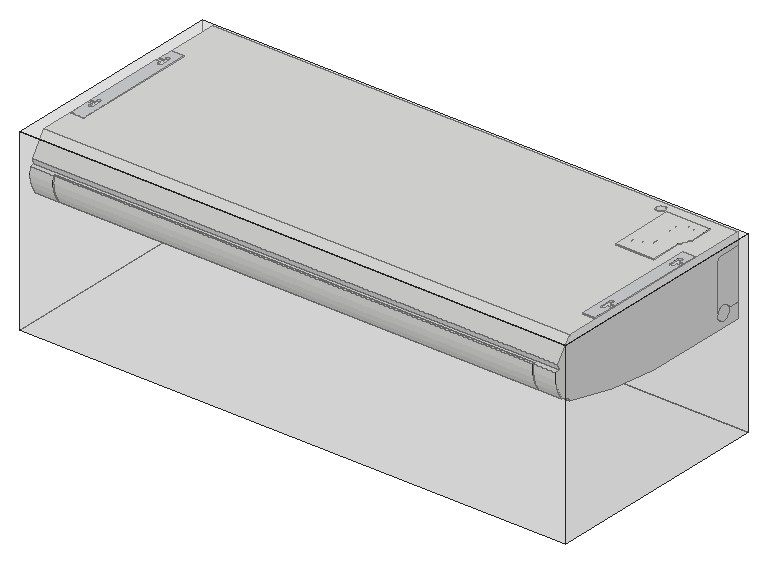
Revit family "outputfile", category 機械設備, Revit 2024
Family settings
  丸型コネクタ寸法 = 半径を使用
  パーツ タイプ = 標準
  OmniClass 番号 = 23.75.10.24.21.27.27
  OmniClass タイトル = Split System Air Conditioning Units
  作業面ベース = いいえ
  常に垂直 = はい
  ロード時にボイドで切り取り = いいえ
  注釈の向きを維持 = いいえ
  共有 = いいえ
  部屋計算ポイント = はい
Parameters (values of type "FHA100DVMG")
  製造元 = "Daikin"
  書き出し IFC クラス(タイプ) = "IfcUnitaryEquipmentType"
  定義済み IFC タイプ(タイプ) = "AIRCONDITIONINGUNIT"
  モデル = "FHA100DVMG"
  switch_frequency = yes
  r_Liquid Pipe Size = Liquid Pipe Size / 2  # 4.75 mm
  r_Gas Pipe Size = Gas Pipe Size / 2  # 7.95 mm
  r_Drain Pipe Size = Drain Pipe Size / 2  # 10.0 mm
  l_powersupply [instance] = if(Rear Right Connection_powersupply, 29.0 mm, 175.0 mm)  # 29.0 mm
  h_mountinghole = 2.0 mm
  connector_voltage = Voltage_50Hz  # 230 V
  connector_powerinput = [Power Input (Cooling)]  # 2.270 kW
  connector_phase = Phase_50Hz  # 1
  angle_vertical_powersupply [instance] = if(Rear Right Connection_powersupply, 90.00°, 180.00°)  # 90.00°
  angle_vertical_drainpipe [instance] = if(or(Left Connection_drainpipe, Right Connection_drainpipe), 90.00°, if(Top Connection_drainpipe, 180.00°, -90.00°))  # -90.00°
  angle_horizontal_powersupply [instance] = if(Rear Right Connection_powersupply, 180.00°, 0.00°)  # 180.00°
  angle_horizontal_drainpipe [instance] = if(Right Connection_drainpipe, 90.00°, if(Left Connection_drainpipe, -90.00°, 0.00°))  # 0.00°
  Voltage_comment_60Hz = "220-230"
  Voltage_comment_50Hz = "220-240"
  Voltage_60Hz = 220 V
  Voltage_50Hz = 230 V
  Top Connection_refrigerant [instance] = no
  Top Connection_powersupply [instance] = not(Rear Right Connection_powersupply)  # no
  Right Connection_refrigerant [instance] = no
  Rear Right Connection_refrigerant [instance] = yes
  Phase_60Hz = 1
  Phase_50Hz = 1
  Material_Casing = DAIKIN_White_Casing_indoorunit
  lw_powersupply [instance] = if(Rear Right Connection_powersupply, 220.0 mm, 210.0 mm)  # 220.0 mm
  lw_mountinghole_pitch = Width - 40.0 mm  # 1550.0 mm
  lw_mountinghole = 20.0 mm
  lw_liquidpipe [instance] = if(Right Connection_refrigerant, 156.0 mm, if(Top Connection_refrigerant, 156.0 mm, 136.0 mm))  # 136.0 mm
  lw_gaspipe = 105.0 mm
  lw_drainpipe [instance] = if(Top Connection_drainpipe, 102.0 mm, if(Width = 960.0 mm, if(or(Left Connection_drainpipe, Rear Left Connection_drainpipe), 884.0 mm, 83.0 mm), if(Width = 1270.0 mm, if(or(Left Connection_drainpipe, Rear Left Connection_drainpipe), 1194.0 mm, 83.0 mm), if(Width = 1590.0 mm, if(or(Left Connection_drainpipe, Rear Left Connection_drainpipe), 1514.0 mm, 83.0 mm), 83.0 mm))))  # 83.0 mm
  lh_powersupply = 175.0 mm
  lh_liquidpipe [instance] = if(Rear Right Connection_refrigerant, 160.0 mm, 131.0 mm)  # 160.0 mm
  lh_gaspipe [instance] = if(Rear Right Connection_refrigerant, 150.0 mm, 91.0 mm)  # 150.0 mm
  lh_drainpipe = 197.0 mm
  l_antena = 1.0 mm
  ld_powersupply = 30.0 mm
  ld_mountinghole_pitch = 260.0 mm
  ld_mountinghole = 210.0 mm
  ld_liquidpipe [instance] = if(Right Connection_refrigerant, 57.0 mm, if(Top Connection_refrigerant, 189.0 mm, 221.0 mm))  # 221.0 mm
  ld_gaspipe [instance] = if(Right Connection_refrigerant, 57.0 mm, if(Top Connection_refrigerant, 163.0 mm, 214.0 mm))  # 214.0 mm
  ld_drainpipe [instance] = if(or(Left Connection_drainpipe, Right Connection_drainpipe), 57.0 mm, if(Top Connection_drainpipe, 87.0 mm, 268.0 mm))  # 268.0 mm
  l_liquidpipe_length [instance] = if(Right Connection_refrigerant, 156.0 mm, if(Top Connection_refrigerant, 131.0 mm, 220.0 mm))  # 220.0 mm
  l_gaspipe_length [instance] = if(Right Connection_refrigerant, 105.0 mm, if(Top Connection_refrigerant, 91.0 mm, 213.0 mm))  # 213.0 mm
  l_drainpipe_length [instance] = if(Right Connection_drainpipe, 83.0 mm, if(Top Connection_drainpipe, 197.0 mm, if(Left Connection_drainpipe, 76.0 mm, 267.0 mm)))  # 267.0 mm
  h*** = 0.0 mm
  angle_vertical [instance] = if(Right Connection_refrigerant, 90.00°, if(Top Connection_refrigerant, 180.00°, -90.00°))  # -90.00°
  angle_horizontal [instance] = if(Right Connection_refrigerant, 90.00°, 0.00°)  # 0.00°
  Width = 1590.0 mm
  Version = "ver.1.0"
  Unit Type = "Ceiling"
  Unit Mass Weight = 38.00 kg
  Unit Designation [instance] = ""
  Uniclass2015Version = "Products v1.30"
  Uniclass2015Title = "Split coil room air conditioning units"
  Uniclass2015Code = "Pr_70_65_03_86"
  Total Cooling Capacity [instance] = 0.000 kW
  Top Connection_drainpipe [instance] = no
  Sound Pressure Level_M speed (dBA) = 38
  Sound Pressure Level_L speed (dBA) = 34
  Sound Pressure Level_H speed (dBA) = 42
  Series = "SkyAir_Fan Coil Unit"
  Sensible Cooling Capacity [instance] = 0.000 kW
  Rear Right Connection_drainpipe [instance] = yes
  Rear Right Connection_powersupply [instance] = yes
  Right Connection_drainpipe [instance] = no
  Refrigerant Type = "R32"
  Power Input (Cooling) = 2.270 kW
  Option Accessory 3 [instance] = ""
  Option Accessory 2 [instance] = ""
  Option Accessory 1 [instance] = ""
  Nominal Cooling Capacity = 8.800 kW
  Minimum Airflow = 1200.00 m³/h
  Median Airflow = 1440.00 m³/h
  Maximum Airflow = 1680.00 m³/h
  Load Classification = HVAC
  Liquid Pipe Size = 9.5 mm
  Link_Nested Family [instance] = ""
  Rear Left Connection_drainpipe [instance] = no
  Left Connection_drainpipe [instance] = no
  IfcVersion = ""
  IfcExportType = "AIRCONDITIONINGUNIT"
  IfcExportAs = "IfcUnitaryEquipmentType"
  Height = 235.0 mm
  Heat Exchanger Type = "Cross Fin Coil"
  Gas Pipe Size = 15.9 mm
  Frequency_60Hz = 60 Hz
  Frequency_50Hz = 50 Hz
  Fan Type = "Sirocco Fan"
  Fan Drive = "Direct Drive"
  FCU Tag No. [instance] = ""
  Drain Pipe Size = 20.0 mm
  Design Supply Airflow [instance] = 0.00 m³/h
  Design Outdoor Airflow [instance] = 0.00 m³/h
  Depth = 690.0 mm
  既定の高さ = 0.0 mm
  Cooling Entering Wet Bulb Temperature [instance] = 0.00 °C
  Cooling Entering Dry Bulb Temperature [instance] = 0.00 °C
  Cooling Ambient Wet Bulb Temperature [instance] = 0.00 °C
  Cooling Ambient Dry Bulb Temperature [instance] = 0.00 °C
  Clearance visibility [instance] = yes
  Clearance Top = 5.0 mm
  Clearance Right = 30.0 mm
  Clearance Rear = 0.0 mm
  Clearance Left = 30.0 mm
  Clearance Front = 0.0 mm
  Clearance Bottom = 300.0 mm
Reference planes
  plane 1 "Back": y = 0
  plane 2: z = 0
  plane 3 "Center (Left/Right)": x = 0
  plane 4 "Center (Front/Back)": y = -1
  plane 5 "Front": y = -690
  plane 6 "Left": x = -795
  plane 7 "Right": x = 795
  plane 8 "Top": z = 0
  plane 9 "Bottom": z = -235
  plane 10: y = -690
  plane 11: x = -825
  plane 12: x = 825
  plane 13: z = 5
  plane 14: z = -535
  plane 15: y = 0
  plane 16 "lw_mountinghole": x = -775
  plane 17 "lw_mountinghole2": x = 775
  plane 18 "ld_mountinghole": y = -210
  plane 19 "ld_mountinghole2": y = -470
  plane 20 "lw_gaspipe": x = 690
  plane 21 "ld_gaspipe": y = -214
  plane 22 "lh_gaspipe": z = -150
  plane 23 "lw_liquidpipe": x = 659
  plane 24 "ld_liquidpipe": y = -221
  plane 25 "lh_liquidpipe": z = -160
  plane 26 "ld_drainpipe": y = -268
  plane 27 "lw_drainpipe": x = 712
  plane 28 "lh_drainpipe": z = -197
  plane 29 "lw_powersupply": x = 575
  plane 30 "lh_powersupply": z = -175
  plane 31 "ld_powersupply": y = -30
  plane 32: x = -725.5
  plane 33: x = 725.5
  plane 34: x = -750
  plane 35: x = 750
  plane 36: x = -2
  plane 37: x = 2
Forms (mm)
  Extrusion 1, solid, material "DAIKIN_White_Casing_indoorunit" <- "Material_Casing"
    sketch origin (0, 0, 0) x (0, 1, 0) y (0, 0, 1)
      loop
        line (-639.277, 0) -> (-680.876, -61.699) -> (-675.026, -77.772)
        arc (-675.026, -77.772) -> (-681.815, -78.743) -> (-688.601, -79.732) r 2634.132
        arc (-688.601, -79.732) -> (-687.018, -121.096) -> (-669.159, -158.439) r 102.2
        line (-669.159, -158.439) -> (-639.858, -169.325) -> (-635.895, -178.261)
        arc (-635.895, -178.261) -> (-479.121, -215.759) -> (-319.077, -235) r 1400.997
        line (-319.077, -235) -> (-1, -235) -> (-1, 0) -> (-639.277, 0)
    from -795 to 795
  Extrusion 2, solid, material "DAIKIN_White_Casing_indoorunit" <- "Material_Casing"
    sketch origin (0, 0, 0) x (0, 1, 0) y (0, 0, 1)
      loop
        arc (-688.601, -79.732) -> (-687.018, -121.096) -> (-669.159, -158.439) r 102.2
        line (-669.159, -158.439) -> (-665.589, -154.869)
        arc (-665.589, -154.869) -> (-682.432, -118.783) -> (-683.39, -78.971) r 97.2
        arc (-683.39, -78.971) -> (-685.996, -79.351) -> (-688.601, -79.732) r 2634.132
    from -725.5 to 725.5
  Extrusion 3, void
    sketch origin (0, 0, 0) x (0, 1, 0) y (0, 0, 1)
      loop
        line (-301.098, -235) -> (-21.098, -235) -> (-21.098, -230) -> (-301.098, -230) -> (-301.098, -235)
    from -750 to 750
  Extrusion 4, solid, material "DAIKIN_White_Grille_indoorunit"
    sketch origin (0, 0, 0) x (0, 1, 0) y (0, 0, 1)
      loop
        line (-20.098, -230) -> (-301.098, -230) -> (-301.098, -235) -> (-20.098, -235) -> (-20.098, -230)
    from -750 to -2
  Extrusion 5, solid, material "DAIKIN_White_Casing_indoorunit" <- "Material_Casing"
    sketch origin (0, 0, 0) x (1, 0, 0) y (0, 0, 1)
      loop
        line (602, -63) -> (602, -178) -> (673, -220) -> (736, -220) -> (736, -63) -> (602, -63)
    from 0 to 1
  Extrusion 6, solid, material "DAIKIN_White_Casing_indoorunit" <- "Material_Casing"
    sketch origin (0, 0, 0) x (-1, 0, 0) y (0, -1, 0)
      loop
        line (-607, 35) -> (-607, 230) -> (-723, 230) -> (-723, 135) -> (-738, 105) -> (-738, 35) -> (-607, 35)
    from 0 to 1.9
  Extrusion 7, void
    sketch origin (795, 0, 0) x (0, 1, 0) y (0, 0, 1)
      loop
        arc (-79.5, -195) -> (-55.446, -217.446) -> (-34.715, -191.9) r 22.5
        line (-34.715, -191.9) -> (-1, -191.9) -> (-1, -190.1) -> (-35.04, -190.1)
        arc (-35.04, -190.1) -> (-54.942, -172.594) -> (-77.7, -186.182) r 22.5
        line (-77.7, -186.182) -> (-77.7, -43)
        arc (-77.7, -43) -> (-76.528, -40.172) -> (-73.7, -39) r 4
        line (-73.7, -39) -> (-1, -39) -> (-1, -37.2) -> (-73.7, -37.2)
        arc (-73.7, -37.2) -> (-77.801, -38.899) -> (-79.5, -43) r 5.8
        line (-79.5, -43) -> (-79.5, -195)
      loop
        circle (-57, -195) r 20.7
    from 0 to -10
  Extrusion 8, void
    sketch origin (-1444.026, -1, 1200) x (1, 0, 0) y (0, 0, 1)
      loop
        arc (715.026, -1375) -> (704.42, -1379.393) -> (700.026, -1390) r 15
        line (700.026, -1390) -> (700.026, -1400)
        arc (700.026, -1400) -> (704.42, -1410.607) -> (715.026, -1415) r 15
        line (715.026, -1415) -> (745.026, -1415)
        arc (745.026, -1415) -> (755.633, -1410.607) -> (760.026, -1400) r 15
        line (760.026, -1400) -> (760.026, -1390)
        arc (760.026, -1390) -> (755.633, -1379.393) -> (745.026, -1375) r 15
        line (745.026, -1375) -> (715.026, -1375)
    from 0 to 10
  Extrusion 9, void
    sketch origin (-795, 0, 0) x (0, 1, 0) y (0, 0, 1)
      loop
        circle (-57, -197) r 22.5
    from 0 to 10
  Extrusion 10, void
    sketch origin (-1444.026, -1, 1200) x (1, 0, 0) y (0, 0, 1)
      loop
        circle (2136.026, -1375) r 44
    from 0 to 10
  Extrusion 11, void
    sketch origin (0, 0, 0) x (-1, 0, 0) y (0, -1, 0)
      loop
        circle (-693, 87) r 30
    from 0 to -10
  Extrusion 12, void
    sketch origin (0, 0, 0) x (-1, 0, 0) y (0, -1, 0)
      loop
        circle (-690, 163) r 18
    from 0 to -10
  Extrusion 13, void
    sketch origin (0, 0, 0) x (-1, 0, 0) y (0, -1, 0)
      loop
        circle (-639, 189) r 13
    from 0 to -10
  Extrusion 14, void
    sketch origin (-1444.026, -1, 1200) x (1, 0, 0) y (0, 0, 1)
      loop
        circle (2019.026, -1375) r 14.5
    from 0 to 10
  Extrusion 15, void
    sketch origin (0, 0, 0) x (-1, 0, 0) y (0, -1, 0)
      loop
        circle (-585, 30) r 14.5
    from 0 to -10
  Extrusion 16, void
    sketch origin (795, 0, 0) x (0, 1, 0) y (0, 0, 1)
      loop
        arc (-665.589, -154.869) -> (-682.432, -118.783) -> (-683.39, -78.971) r 97.2
        arc (-683.39, -78.971) -> (-685.996, -79.351) -> (-688.601, -79.732) r 2634.132
        arc (-688.601, -79.732) -> (-687.018, -121.096) -> (-669.159, -158.439) r 102.2
        line (-669.159, -158.439) -> (-665.589, -154.869)
    from -69.5 to -1520.5
  Extrusion 17, solid, material "DAIKIN_White_Casing_indoorunit" <- "Material_Casing"
    sketch origin (-795, 0, 0) x (0, 1, 0) y (0, 0, 1)
      loop
        circle (-57, -197) r 22.5
    from 0 to 10
  Extrusion 18, solid, material "DAIKIN_White_Grille_indoorunit"
    sketch origin (780, 0, 0) x (0, 1, 0) y (0, 0, 1)
      loop
        line (-20.098, -230) -> (-301.098, -230) -> (-301.098, -235) -> (-20.098, -235) -> (-20.098, -230)
    from -782 to -778
  Extrusion 19, solid, material "DAIKIN_White_Grille_indoorunit"
    sketch origin (0, 0, 0) x (0, 1, 0) y (0, 0, -1)
      loop
        line (-20.098, 230) -> (-20.098, 235) -> (-301.098, 235) -> (-301.098, 230) -> (-20.098, 230)
    from -750 to -2
Cuts and joins
  Extrusion 3, Extrusion 7, Extrusion 8, Extrusion 9, Extrusion 10, Extrusion 11, Extrusion 12, Extrusion 13, Extrusion 14, Extrusion 15, Extrusion 16 cuts Extrusion 1
Lines and regions (mm)
  reference lines
    curve 1: line (795, -580.282, -192.75) -> (795, -551.225, -200.21)
Dimensions and locks
  equal spacing: plane 6 "Left", plane 3 "Center (Left/Right)", plane 7 "Right"
  "Width": plane 6 "Left" to plane 7 "Right"
  "Depth": plane 5 "Front" to plane 1 "Back"
  "Height": plane 8 "Top" to plane 9 "Bottom"
  "Clearance Front": plane 10 to plane 5 "Front"
  "Clearance Left": plane 11 to plane 6 "Left"
  "Clearance Right": plane 7 "Right" to plane 12
  "Clearance Top": plane 13 to plane 8 "Top"
  "Clearance Bottom": plane 9 "Bottom" to plane 14
  "Clearance Rear": plane 1 "Back" to plane 15
  locked: plane 4 "Center (Front/Back)" to plane 1 "Back" at 1
  locked: Extrusion 1 sketch curve to Extrusion 1 sketch curve at 235
  locked: Extrusion 1 sketch curve to Extrusion 1 sketch curve at 318.077
  locked: Extrusion 1 sketch curve to Extrusion 1 sketch curve at 1163.297
  locked: Extrusion 1 sketch curve to Extrusion 1 sketch curve at 231.144
  Extrusion 3 sketch curve to Extrusion 3 sketch curve to plane 1 "Back" = 280.0 mm locked, 21.098 mm locked
  "ld_mountinghole": plane 18 "ld_mountinghole" to plane 1 "Back"
  "ld_mountinghole_pitch": plane 18 "ld_mountinghole" to plane 19 "ld_mountinghole2"
  "lw_mountinghole_pitch": plane 16 "lw_mountinghole" to plane 17 "lw_mountinghole2"
  "lw_mountinghole": plane 6 "Left" to plane 16 "lw_mountinghole"
  "lw_gaspipe": plane 20 "lw_gaspipe" to plane 7 "Right"
  "ld_gaspipe": plane 1 "Back" to plane 21 "ld_gaspipe"
  "lw_liquidpipe": plane 23 "lw_liquidpipe" to plane 7 "Right"
  "ld_liquidpipe": plane 1 "Back" to plane 24 "ld_liquidpipe"
  "lw_drainpipe": plane 27 "lw_drainpipe" to plane 7 "Right"
  "ld_drainpipe": plane 26 "ld_drainpipe" to plane 1 "Back"
  plane 8 "Top" to Extrusion 5 sketch curve to Extrusion 5 sketch curve = 63.0 mm locked, 157.0 mm locked
  plane 7 "Right" to Extrusion 5 sketch curve to Extrusion 5 sketch curve = 59.0 mm locked, 134.0 mm locked
  locked: Extrusion 5 sketch curve to Extrusion 5 sketch curve at 115
  locked: Extrusion 5 sketch curve to Extrusion 5 sketch curve at 63
  locked: Extrusion 6 sketch curve to Extrusion 6 sketch curve at 195
  locked: Extrusion 6 sketch curve to Extrusion 6 sketch curve at 116
  locked: Extrusion 6 sketch curve to Extrusion 6 sketch curve at 131
  locked: Extrusion 6 sketch curve to Extrusion 6 sketch curve at 100
  locked: Extrusion 6 sketch curve to plane 1 "Back" at 35
  locked: Extrusion 6 sketch curve to plane 7 "Right" at 57
  locked: Extrusion 8 sketch curve to Extrusion 8 sketch curve at 40
  locked: Extrusion 8 sketch curve to Extrusion 8 sketch curve at 60
  locked: plane 8 "Top" to Extrusion 8 sketch curve at 175
  locked: Extrusion 8 sketch curve to plane 6 "Left" at 51
  locked: plane 7 "Right" to Extrusion 10 sketch curve at 103
  locked: plane 8 "Top" to Extrusion 10 sketch curve at 175
  locked: Extrusion 11 sketch curve to plane 1 "Back" at 87
  locked: Extrusion 11 sketch curve to plane 7 "Right" at 102
  locked: Extrusion 12 sketch curve to plane 1 "Back" at 163
  locked: Extrusion 12 sketch curve to plane 7 "Right" at 105
  locked: Extrusion 13 sketch curve to plane 1 "Back" at 189
  locked: Extrusion 13 sketch curve to plane 7 "Right" at 156
  "lw_powersupply": plane 29 "lw_powersupply" to plane 7 "Right"
  "lh_gaspipe": plane 8 "Top" to plane 22 "lh_gaspipe"
  "lh_liquidpipe": plane 8 "Top" to plane 25 "lh_liquidpipe"
  "lh_powersupply": plane 8 "Top" to plane 30 "lh_powersupply"
  "lh_drainpipe": plane 8 "Top" to plane 28 "lh_drainpipe"
  "ld_powersupply": plane 1 "Back" to plane 31 "ld_powersupply"
  locked: plane 8 "Top" to Extrusion 7 sketch curve at 195
  locked: Extrusion 7 sketch curve to plane 1 "Back" at 57
  locked: plane 9 "Bottom" to Extrusion 7 sketch curve at 43.1
  locked: Extrusion 7 sketch curve to plane 8 "Top" at 39
  locked: Extrusion 7 sketch curve to plane 1 "Back" at 79.5
  locked: Extrusion 9 sketch curve to plane 1 "Back" at 57
  locked: plane 8 "Top" to Extrusion 9 sketch curve at 197
  locked: Extrusion 17 sketch curve to plane 1 "Back" at 57
  locked: plane 8 "Top" to Extrusion 17 sketch curve at 197
  locked: plane 7 "Right" to Extrusion 14 sketch curve at 220
  locked: plane 8 "Top" to Extrusion 14 sketch curve at 175
  locked: Extrusion 15 sketch curve to plane 7 "Right" at 210
  locked: Extrusion 15 sketch curve to plane 1 "Back" at 30
  locked: curve 1 to plane 9 "Bottom" at 34.79
  locked: curve 1 to plane 9 "Bottom" at 42.25
  locked: plane 6 "Left" to plane 32 at 69.5
  locked: plane 33 to plane 7 "Right" at 69.5
  locked: plane 35 to plane 7 "Right" at 45
  locked: plane 6 "Left" to plane 34 at 45
  plane 36 to plane 3 "Center (Left/Right)" to plane 37 = 2.0 mm locked, 2.0 mm locked
  locked: curve 1 to plane 9 "Bottom" (angle 14.40°)
  aligned and locked: level to plane 2
  aligned and locked: nested 1 to plane 11
  aligned and locked: nested 1 to plane 12
  aligned and locked: nested 1 to plane 10
  aligned and locked: plane 13 to nested 1
  aligned and locked: plane 14 to nested 1
  aligned and locked: plane 15 to nested 1
  aligned and locked: Extrusion 1 sketch curve to plane 8 "Top"
  aligned and locked: Extrusion 2 sketch curve to Extrusion 1  (x2)
  aligned and locked: plane 7 "Right" to Extrusion 1
  aligned and locked: Extrusion 1 to plane 6 "Left"
  aligned and locked: cut or joined group 1 (Extrusion 1, Extrusion 3, Extrusion 7, Extrusion 8, Extrusion 9, Extrusion 10, Extrusion 11, Extrusion 12, Extrusion 13, Extrusion 14, Extrusion 15, Extrusion 16) to Extrusion 3 sketch curve
  aligned and locked: cut or joined group 1 to Extrusion 4 sketch curve
  aligned and locked: Extrusion 5 to plane 4 "Center (Front/Back)"
  aligned and locked: Extrusion 7 sketch curve to plane 4 "Center (Front/Back)"
  aligned and locked: Extrusion 16 sketch curve to Extrusion 2  (x4)
  aligned and locked: Extrusion 16 to Extrusion 2  (x2)
  aligned and locked: nested 2 to plane 26 "ld_drainpipe"
  aligned and locked: plane 27 "lw_drainpipe" to nested 2
  aligned and locked: plane 20 "lw_gaspipe" to nested 3
  aligned and locked: nested 3 to plane 21 "ld_gaspipe"
  aligned and locked: plane 23 "lw_liquidpipe" to nested 4
  aligned and locked: nested 4 to plane 24 "ld_liquidpipe"
  aligned and locked: plane 25 "lh_liquidpipe" to nested 4
  aligned and locked: nested 5 to plane 31 "ld_powersupply"
  aligned and locked: plane 29 "lw_powersupply" to nested 5
  aligned and locked: nested 7 to plane 18 "ld_mountinghole"
  aligned and locked: plane 16 "lw_mountinghole" to nested 7
  aligned and locked: nested 6 to plane 19 "ld_mountinghole2"
  aligned and locked: plane 16 "lw_mountinghole" to nested 6
  aligned and locked: nested 9 to plane 18 "ld_mountinghole"
  aligned and locked: plane 17 "lw_mountinghole2" to nested 9
  aligned and locked: plane 17 "lw_mountinghole2" to nested 8
  aligned and locked: nested 8 to plane 19 "ld_mountinghole2"
  aligned and locked: nested 10 to curve 1
  aligned and locked: level to plane 8 "Top"
  aligned and locked: cut or joined group 1 to plane 32
  aligned and locked: plane 33 to cut or joined group 1
  aligned and locked: Extrusion 16 to plane 32
  aligned and locked: plane 33 to Extrusion 16
  aligned and locked: Extrusion 4 to plane 34
  aligned and locked: cut or joined group 1 to plane 34
  aligned and locked: plane 34 to Extrusion 4  (x3)
  aligned and locked: plane 16 "lw_mountinghole" to nested 11
  aligned and locked: plane 17 "lw_mountinghole2" to nested 12
  aligned and locked: plane 36 to Extrusion 4
  aligned and locked: Extrusion 18 to plane 36
  aligned and locked: plane 37 to Extrusion 18
  aligned and locked: Extrusion 19 to plane 37
  aligned and locked: plane 37 to Extrusion 19
  aligned and locked: plane 35 to Extrusion 19
  aligned and locked: plane 35 to Extrusion 3
  aligned and locked: Extrusion 4 to cut or joined group 1
  aligned and locked: cut or joined group 1 to Extrusion 18
  aligned and locked: cut or joined group 1 to Extrusion 19
Automatic sketch dimensions
  Extrusion 1 sketch curve to plane 4 "Center (Front/Back)" = 0.0 mm
  Extrusion 1 sketch curve to plane 5 "Front" = 102.2 mm
  Extrusion 1 sketch curve to plane 30 "lh_powersupply" = 3.261 mm
  Extrusion 1 sketch curve to plane 5 "Front" = 50.723 mm
  plane 30 "lh_powersupply" to Extrusion 1 sketch curve = 5.675 mm
  Extrusion 1 sketch curve to Extrusion 1 sketch curve = 3.963 mm
  plane 25 "lh_liquidpipe" to Extrusion 1 sketch curve = 1.561 mm
  Extrusion 1 sketch curve to plane 5 "Front" = 20.841 mm
  Extrusion 1 sketch curve to plane 5 "Front" = 14.974 mm
  Extrusion 1 sketch curve to plane 5 "Front" = 9.124 mm
  Extrusion 1 sketch curve to plane 26 "ld_drainpipe" = 37.278 mm
  Extrusion 1 sketch curve to plane 14 = 2150.825 mm
  plane 22 "lh_gaspipe" to Extrusion 1 sketch curve = 53.413 mm
  Extrusion 1 sketch curve to level = 77.772 mm
  Extrusion 1 sketch curve to Extrusion 1 sketch curve = 16.072 mm
  Extrusion 2 sketch curve to Extrusion 2 sketch curve = 0.0 mm  (x2)
  plane 25 "lh_liquidpipe" to Extrusion 2 sketch curve = 1.561 mm
  Extrusion 2 sketch curve to plane 22 "lh_gaspipe" = 4.869 mm
  Extrusion 2 sketch curve to Extrusion 2 sketch curve = 3.57 mm
  Extrusion 3 sketch curve to Extrusion 3 sketch curve = 5.0 mm
  plane 31 "ld_powersupply" to Extrusion 4 sketch curve = 9.902 mm
  Extrusion 4 sketch curve to Extrusion 4 sketch curve = 5.0 mm
  Extrusion 6 sketch curve to Extrusion 6 sketch curve = 30.0 mm
  Extrusion 7 sketch curve to Extrusion 7 sketch curve = 0.0 mm  (x6)
  Extrusion 7 sketch curve to plane 4 "Center (Front/Back)" = 0.0 mm  (x2)
  Extrusion 7 sketch curve to Extrusion 7 sketch curve = 1.8 mm  (x2)
  Extrusion 7 sketch curve to Extrusion 7 sketch curve = 4.0 mm
  Extrusion 7 sketch curve to Extrusion 7 sketch curve = 0.325 mm
  Extrusion 8 sketch curve to plane 32 = 3.5 mm  (x2)
  Extrusion 8 sketch curve to plane 28 "lh_drainpipe" = 3.0 mm
  Extrusion 8 sketch curve to Extrusion 8 sketch curve = 15.0 mm
  curve 1 to plane 5 "Front" = 109.718 mm
  Extrusion 18 sketch curve to plane 9 "Bottom" = 0.0 mm
  plane 9 "Bottom" to Extrusion 18 sketch curve = 5.0 mm
  Extrusion 18 sketch curve to plane 26 "ld_drainpipe" = 33.098 mm
  plane 31 "ld_powersupply" to Extrusion 18 sketch curve = 9.902 mm
  Extrusion 19 sketch curve to plane 9 "Bottom" = 0.0 mm
  plane 9 "Bottom" to Extrusion 19 sketch curve = 5.0 mm
  Extrusion 19 sketch curve to plane 26 "ld_drainpipe" = 33.098 mm
  plane 31 "ld_powersupply" to Extrusion 19 sketch curve = 9.902 mm
  Extrusion 4 sketch curve to plane 26 "ld_drainpipe" = 33.098 mm
  radius of Extrusion 7 sketch curve = 20.7 mm
  radius of Extrusion 9 sketch curve = 22.5 mm
  radius of Extrusion 10 sketch curve = 44.0 mm
  radius of Extrusion 11 sketch curve = 30.0 mm
  radius of Extrusion 12 sketch curve = 18.0 mm
  radius of Extrusion 13 sketch curve = 13.0 mm
  radius of Extrusion 14 sketch curve = 14.5 mm
  radius of Extrusion 15 sketch curve = 14.5 mm
  radius of Extrusion 17 sketch curve = 22.5 mm
Nested families
  nested 1: "daikin_clearancespace" at (0, -345, -264.881), visible <- "Clearance visibility", show <- "Clearance visibility", Link_Nested Family <- "Link_Nested Family", type "daikin_clearancespace"
    with width 1650.0 mm, show yes, height 540.0 mm, depth 690.0 mm, Link_Nested Family ""
  nested 2: "daikin_connector_rotate3" at (712, -268, -197), radius <- "r_Drain Pipe Size", angle_vertical <- "angle_vertical_drainpipe", angle_horizontal <- "angle_horizontal_drainpipe", length <- "l_drainpipe_length", type "daikin_connector_rotate3"
    with show no, radius 10.0 mm, length 267.0 mm, angle_vertical -90.00°, angle_horizontal 0.00°
  nested 3: "daikin_connector_rotate3" at (690, -214, -150), radius <- "r_Gas Pipe Size", angle_vertical <- "angle_vertical", angle_horizontal <- "angle_horizontal", length <- "l_gaspipe_length", type "daikin_connector_rotate3"
    with show no, radius 7.95 mm, length 213.0 mm, angle_vertical -90.00°, angle_horizontal 0.00°
  nested 4: "daikin_connector_rotate3" at (659, -221, -160), radius <- "r_Liquid Pipe Size", angle_vertical <- "angle_vertical", angle_horizontal <- "angle_horizontal", length <- "l_liquidpipe_length", type "daikin_connector_rotate3"
    with show no, radius 4.75 mm, length 220.0 mm, angle_vertical -90.00°, angle_horizontal 0.00°
  nested 5: "daikin_connector_rotate3" at (575, -30, -175), length <- "l_powersupply", angle_vertical <- "angle_vertical_powersupply", angle_horizontal <- "angle_horizontal_powersupply", type "daikin_connector_rotate3"
    with show no, radius 10.0 mm, length 29.0 mm, angle_vertical 90.00°, angle_horizontal 180.00°
  nested 6: "daikin_mountinghole" at (-775, -470, 0), l_antenna <- "l_antena", Link_Nested Family <- "Link_Nested Family", h_mountinghole <- "h_mountinghole", type "daikin_mountinghole"
    with show yes, l_antenna 1.0 mm, h_mountinghole 2.0 mm, Link_Nested Family ""
  nested 7: "daikin_mountinghole" at (-775, -210, 0), l_antenna <- "l_antena", Link_Nested Family <- "Link_Nested Family", h_mountinghole <- "h_mountinghole", type "daikin_mountinghole"
    with show yes, l_antenna 1.0 mm, h_mountinghole 2.0 mm, Link_Nested Family ""
  nested 8: "daikin_mountinghole" at (775, -470, 0), l_antenna <- "l_antena", Link_Nested Family <- "Link_Nested Family", h_mountinghole <- "h_mountinghole", type "daikin_mountinghole"
    with show yes, l_antenna 1.0 mm, h_mountinghole 2.0 mm, Link_Nested Family ""
  nested 9: "daikin_mountinghole" at (775, -210, 0), Link_Nested Family <- "Link_Nested Family", l_antenna <- "l_antena", h_mountinghole <- "h_mountinghole", type "daikin_mountinghole"
    with show yes, l_antenna 1.0 mm, h_mountinghole 2.0 mm, Link_Nested Family ""
  nested 10: "daikin_logo_plane_w40" at (647.963, -559.801, -198.008) x (1, 0, 0) z (0, -0.2487, -0.9686), type "daikin_logo_plane_w40"
    with show_logo yes
  nested 11: "daikin_hangerfixture_FHA-DVMG" at (-775, 0, 0), type "daikin_hangerfixture_FHA-DVMG"
    with width 38.0 mm, height 2.0 mm, depth 380.0 mm
  nested 12: "daikin_hangerfixture_FHA-DVMG" at (775, 0, 0) x (-1, 0, 0) z (0, 0, 1), type "daikin_hangerfixture_FHA-DVMG"
    with width 38.0 mm, height 2.0 mm, depth 380.0 mm
Connectors
  piping at (712, -1, -197), diameter 20, driven by "r_Drain Pipe Size"
    settings: on nested 2, index 1, connector inside diameter 609.6 mm, connector length 0.0 mm, flow factor 0, pipe flow 0.00 m³/h, pressure drop 0.0 Pa, fitting loss kfactor 0, connector angle 0.00°, fixture units 0, engagement length 0.0 mm, angle of deflection 0.00°, flow configuration 1, flow direction 2, fitting loss method 4, system type 16, joint type 0, gender type 0, connector reference index -1, connector utility 0, adjustable connector no, is connector primary yes, connector description "Condensate Drain Piping"
  piping at (690, -1, -150), diameter 15.9, driven by "r_Gas Pipe Size"
    settings: on nested 3, index 3, connector inside diameter 609.6 mm, connector length 0.0 mm, flow factor 0, pipe flow 0.00 m³/h, pressure drop 0.0 Pa, fitting loss kfactor 0, connector angle 0.00°, fixture units 0, engagement length 0.0 mm, angle of deflection 0.00°, flow configuration 1, flow direction 2, fitting loss method 0, system type 29, joint type 0, gender type 0, connector reference index -1, connector utility 0, adjustable connector no, is connector primary no, connector description "Refrigerant Gas Piping"
  piping at (659, -1, -160), diameter 9.5, driven by "r_Liquid Pipe Size"
    settings: on nested 4, index 4, connector inside diameter 609.6 mm, connector length 0.0 mm, flow factor 0, pipe flow 0.00 m³/h, pressure drop 0.0 Pa, fitting loss kfactor 0, connector angle 0.00°, fixture units 0, engagement length 0.0 mm, angle of deflection 0.00°, flow configuration 1, flow direction 1, fitting loss method 0, system type 29, joint type 0, gender type 0, connector reference index -1, connector utility 0, adjustable connector no, is connector primary no, connector description "Refrigerant Liquid Piping"
  electrical at (575, -1, -175), driven by "Load Classification", driven by "connector_powerinput", driven by "connector_phase", driven by "connector_voltage"
    settings: on nested 5, index 6, voltage 230 V, apparent load 2270 VA, apparent load phase1 0 VA, apparent load phase2 0 VA, apparent load phase3 0 VA, power factor 1, load classification "HVAC", number of poles 1, system type 30, power factor state 1, is connector primary yes, connector utility no, sub classification motor no, connector description "Power Supply"
Definition of nested family "daikin_clearancespace"
  Parameters (values of type "daikin_clearancespace")
    Description = "daikin_clearancespace"
    width [instance] = 1823.963 mm
    show [instance] = yes
    material = none
    height [instance] = 1359.762 mm
    depth [instance] = 880.0 mm
    Default Elevation = 0.0 mm
    Link_Nested Family [instance] = ""
  Reference planes
    plane 1 "Center (Front/Back)": y = 0
    plane 2 "Center (Elevation)": z = -0.119
    plane 3 "Center (Left/Right)": x = 0
    plane 4: y = 440
    plane 5: y = -440
    plane 6 "Right": x = 911.982
    plane 7 "Left": x = -911.982
    plane 8 "Top": z = 679.762
    plane 9 "Bottom": z = -680
  Forms (mm)
    Extrusion 1, solid, material <- "material", visible <- "show"
      sketch origin (0, 0, 0) x (1, 0, 0) y (0, 1, 0)
        loop
          line (-911.982, 440) -> (-911.982, -440) -> (911.982, -440) -> (911.982, 440) -> (-911.982, 440)
      from -680 to 679.762
  Lines and regions (mm)
    symbolic lines, visible <- "show"
      curve 1: line (911.982, 440, 0) -> (-911.982, 440, 0)
      curve 2: line (-911.982, 440, 0) -> (-911.982, -440, 0)
      curve 3: line (-911.982, -440, 0) -> (911.982, -440, 0)
      curve 4: line (911.982, -440, 0) -> (911.982, 440, 0)
      curve 5: line (911.982, 0, 679.762) -> (-911.982, 0, 679.762)
      curve 6: line (911.982, 0, -680) -> (911.982, 0, 679.762)
      curve 7: line (-911.982, 0, -680) -> (911.982, 0, -680)
      curve 8: line (-911.982, 0, 679.762) -> (-911.982, 0, -680)
      curve 9: line (0, 440, 679.762) -> (0, -440, 679.762)
      curve 10: line (0, -440, 679.762) -> (0, -440, -680)
      curve 11: line (0, 440, -680) -> (0, 440, 679.762)
      curve 12: line (0, -440, -680) -> (0, 440, -680)
  Dimensions and locks
    "width": plane 7 "Left" to plane 6 "Right"
    "depth": plane 4 to plane 5
    "height": plane 8 "Top" to plane 9 "Bottom"
    equal spacing: plane 7 "Left", plane 3 "Center (Left/Right)", plane 6 "Right"
    equal spacing: plane 4, plane 1 "Center (Front/Back)", plane 5
    equal spacing: plane 8 "Top", plane 2 "Center (Elevation)", plane 9 "Bottom"
    aligned and locked: level to plane 2 "Center (Elevation)"
    aligned and locked: Extrusion 1 sketch curve to plane 4
    aligned and locked: plane 7 "Left" to Extrusion 1 sketch curve
    aligned and locked: Extrusion 1 sketch curve to plane 5
    aligned and locked: Extrusion 1 sketch curve to plane 6 "Right"
    aligned and locked: plane 8 "Top" to Extrusion 1
    aligned and locked: curve 1 to Extrusion 1
    aligned and locked: curve 2 to Extrusion 1
    aligned and locked: curve 3 to Extrusion 1
    aligned and locked: curve 4 to Extrusion 1
    aligned and locked: curve 5 to Extrusion 1
    aligned and locked: curve 6 to Extrusion 1
    aligned and locked: curve 7 to Extrusion 1
    aligned and locked: curve 8 to Extrusion 1
    aligned and locked: curve 9 to Extrusion 1
    aligned and locked: curve 10 to Extrusion 1
    aligned and locked: curve 11 to Extrusion 1
    aligned and locked: curve 12 to Extrusion 1
    aligned and locked: Extrusion 1 to plane 9 "Bottom"
Definition of nested family "daikin_logo_plane_w40"
  Parameters (values of type "daikin_logo_plane_w40")
    width = 40.0 mm
    show_logo [instance] = yes
    material = none
    height = 0.0 mm
    depth = 0.0 mm
    Default Elevation = 1219.2 mm
  Reference planes
    plane 1 "Center (Front/Back)": y = 0
    plane 2: z = 0
    plane 3 "Center (Left/Right)": x = 0
    plane 4: z = 2
    plane 5 "left": x = -19
    plane 6: x = 19
  Forms (mm)
    Extrusion 1, solid, visible <- "show_logo"
      sketch origin (-19, 0, 0) x (1, 0, 0) y (0, 1, 0)
        loop
          line (8.902, -1.878) -> (7.789, -6.332) -> (11.13, -6.332)
          arc (11.13, -6.332) -> (12.454, -6.064) -> (13.472, -5.176) r 2.642
          arc (13.472, -5.176) -> (13.92, -4.02) -> (13.767, -2.79) r 2.537
          arc (13.767, -2.79) -> (13.452, -2.342) -> (12.982, -2.06) r 1.321
          arc (12.982, -2.06) -> (12.063, -1.902) -> (11.13, -1.878) r 6.479
          line (11.13, -1.878) -> (8.902, -1.878)
        loop
          line (10.016, -5.441) -> (10.907, -5.441)
          arc (10.907, -5.441) -> (11.591, -4.983) -> (11.988, -4.261) r 1.742
          spline (11.988, -4.261) -> (12.01, -4.155) -> (12.027, -4.03) -> (12.037, -3.893) -> (12.037, -3.747) -> (12.026, -3.598) -> (12.002, -3.451) -> (11.962, -3.31) -> (11.905, -3.181) -> (11.829, -3.069) -> (11.731, -2.978) -> (11.61, -2.913) -> (11.464, -2.88)
          line (11.464, -2.88) -> (10.573, -2.88) -> (10.016, -5.441)
        loop
          line (13.58, -6.332) -> (14.805, -6.332) -> (15.223, -5.553) -> (16.977, -5.553) -> (17.144, -6.332) -> (19.149, -6.332) -> (18.258, -1.878) -> (16.03, -1.878) -> (13.58, -6.332)
        loop
          line (16.476, -3.214) -> (15.76, -4.551) -> (16.762, -4.551) -> (16.476, -3.214)
        loop
          line (19.705, -6.332) -> (21.599, -6.332) -> (22.712, -1.878) -> (20.819, -1.878) -> (19.705, -6.332)
        loop
          line (22.712, -6.332) -> (24.606, -6.332) -> (24.908, -5.122) -> (25.831, -6.332) -> (28.17, -6.332) -> (26.388, -3.994) -> (28.949, -1.878) -> (26.945, -1.878) -> (25.401, -3.153) -> (25.719, -1.878) -> (23.826, -1.878) -> (22.712, -6.332)
        loop
          line (29.84, -1.878) -> (28.615, -6.332) -> (30.62, -6.332) -> (31.734, -1.878) -> (29.84, -1.878)
        loop
          line (31.734, -6.332) -> (33.07, -6.332) -> (33.7, -3.814) -> (34.518, -6.332) -> (36.745, -6.332) -> (37.859, -1.878) -> (36.523, -1.878) -> (35.845, -4.589) -> (34.963, -1.878) -> (32.847, -1.878) -> (31.734, -6.332)
      from 0 to 2
    Extrusion 2, solid, visible <- "show_logo"
      sketch origin (-19, 0, 0) x (1, 0, 0) y (0, 1, 0)
        loop
          line (8.7, 0) -> (4.235, 0) -> (0, -3.879) -> (0, -8) -> (8.7, 0)
      from 0 to 2
    Extrusion 3, solid, visible <- "show_logo"
      sketch origin (-19, 0, 0) x (1, 0, 0) y (0, 1, 0)
        loop
          line (0, 0) -> (0, -3.879) -> (4.235, 0) -> (0, 0)
      from 0 to 2
  Dimensions and locks
    plane 4 to plane 2 = 2.0 mm
    equal spacing: plane 5 "left", plane 3 "Center (Left/Right)", plane 6
    locked: plane 5 "left" to plane 6 at 38
    aligned and locked: level to plane 2
    aligned and locked: Extrusion 3 to plane 1 "Center (Front/Back)"  (x2)
    aligned and locked: Extrusion 2 to plane 1 "Center (Front/Back)"  (x2)
    aligned and locked: plane 4 to Extrusion 1
    aligned and locked: plane 4 to Extrusion 3
    aligned and locked: plane 4 to Extrusion 2
    aligned and locked: Extrusion 3 to plane 5 "left"
    aligned and locked: Extrusion 2 to plane 5 "left"
  Automatic sketch dimensions
    Extrusion 1 sketch curve to Extrusion 1 sketch curve = 0.901 mm
    Extrusion 1 sketch curve to Extrusion 1 sketch curve = 1.559 mm
    Extrusion 1 sketch curve to Extrusion 1 sketch curve = 1.327 mm
    Extrusion 1 sketch curve to Extrusion 1 sketch curve = 2.145 mm
    Extrusion 1 sketch curve to Extrusion 1 sketch curve = 1.448 mm
    Extrusion 1 sketch curve to Extrusion 1 sketch curve = 2.116 mm
    Extrusion 1 sketch curve to Extrusion 1 sketch curve = 1.114 mm  (x4)
    Extrusion 1 sketch curve to Extrusion 1 sketch curve = 1.336 mm  (x2)
    plane 1 "Center (Front/Back)" to Extrusion 1 sketch curve = 1.878 mm  (x5)
    Extrusion 1 sketch curve to Extrusion 1 sketch curve = 1.893 mm  (x5)
    Extrusion 1 sketch curve to Extrusion 1 sketch curve = 0.891 mm  (x4)
    Extrusion 1 sketch curve to Extrusion 1 sketch curve = 2.005 mm  (x3)
    Extrusion 1 sketch curve to Extrusion 1 sketch curve = 0.445 mm  (x2)
    plane 1 "Center (Front/Back)" to Extrusion 1 sketch curve = 3.994 mm
    Extrusion 1 sketch curve to Extrusion 1 sketch curve = 0.557 mm  (x2)
    Extrusion 1 sketch curve to Extrusion 1 sketch curve = 2.339 mm  (x2)
    Extrusion 1 sketch curve to Extrusion 1 sketch curve = 1.225 mm  (x3)
    plane 1 "Center (Front/Back)" to Extrusion 1 sketch curve = 3.153 mm
    Extrusion 1 sketch curve to Extrusion 1 sketch curve = 0.987 mm
    plane 1 "Center (Front/Back)" to Extrusion 1 sketch curve = 5.122 mm
    Extrusion 1 sketch curve to Extrusion 1 sketch curve = 0.922 mm
    plane 1 "Center (Front/Back)" to Extrusion 1 sketch curve = 6.332 mm
    Extrusion 1 sketch curve to Extrusion 1 sketch curve = 2.562 mm
    plane 1 "Center (Front/Back)" to Extrusion 1 sketch curve = 5.553 mm
    Extrusion 1 sketch curve to Extrusion 1 sketch curve = 0.167 mm
    Extrusion 1 sketch curve to Extrusion 1 sketch curve = 0.215 mm
    plane 1 "Center (Front/Back)" to Extrusion 1 sketch curve = 3.214 mm
    Extrusion 1 sketch curve to Extrusion 1 sketch curve = 0.286 mm
    plane 1 "Center (Front/Back)" to Extrusion 1 sketch curve = 4.551 mm
    Extrusion 1 sketch curve to Extrusion 1 sketch curve = 1.002 mm
    Extrusion 1 sketch curve to Extrusion 1 sketch curve = 0.537 mm
    Extrusion 1 sketch curve to Extrusion 1 sketch curve = 0.418 mm
    Extrusion 1 sketch curve to Extrusion 1 sketch curve = 1.028 mm
    plane 1 "Center (Front/Back)" to Extrusion 1 sketch curve = 4.261 mm
    Extrusion 1 sketch curve to Extrusion 1 sketch curve = 0.563 mm
    plane 1 "Center (Front/Back)" to Extrusion 1 sketch curve = 2.88 mm
    Extrusion 1 sketch curve to Extrusion 1 sketch curve = 1.088 mm
    Extrusion 1 sketch curve to Extrusion 1 sketch curve = 2.152 mm
    Extrusion 1 sketch curve to Extrusion 1 sketch curve = 0.586 mm
    Extrusion 1 sketch curve to Extrusion 1 sketch curve = 0.118 mm
    Extrusion 1 sketch curve to Extrusion 1 sketch curve = 0.298 mm
    Extrusion 1 sketch curve to Extrusion 1 sketch curve = 0.334 mm
    Extrusion 1 sketch curve to Extrusion 1 sketch curve = 0.223 mm
    Extrusion 1 sketch curve to Extrusion 1 sketch curve = 0.266 mm
    Extrusion 1 sketch curve to Extrusion 1 sketch curve = 1.671 mm
    Extrusion 1 sketch curve to Extrusion 1 sketch curve = 2.227 mm
    Extrusion 1 sketch curve to Extrusion 1 sketch curve = 0.0 mm  (x7)
    Extrusion 1 sketch curve to Extrusion 1 sketch curve = 3.453 mm
    Extrusion 1 sketch curve to Extrusion 1 sketch curve = 2.017 mm
    Extrusion 1 sketch curve to Extrusion 1 sketch curve = 0.78 mm  (x2)
    Extrusion 1 sketch curve to Extrusion 1 sketch curve = 1.743 mm
    Extrusion 1 sketch curve to Extrusion 1 sketch curve = 0.775 mm
    Extrusion 1 sketch curve to Extrusion 1 sketch curve = 0.552 mm
    Extrusion 1 sketch curve to Extrusion 1 sketch curve = 0.014 mm
    Extrusion 1 sketch curve to Extrusion 1 sketch curve = 0.952 mm
    Extrusion 1 sketch curve to Extrusion 1 sketch curve = 1.215 mm
    Extrusion 1 sketch curve to Extrusion 1 sketch curve = 0.108 mm
    plane 1 "Center (Front/Back)" to Extrusion 2 sketch curve = 0.0 mm
    Extrusion 2 sketch curve to plane 3 "Center (Left/Right)" = 19.0 mm
    Extrusion 2 sketch curve to plane 3 "Center (Left/Right)" = 14.765 mm
    Extrusion 2 sketch curve to Extrusion 2 sketch curve = 4.465 mm
    plane 1 "Center (Front/Back)" to Extrusion 2 sketch curve = 3.879 mm
    Extrusion 2 sketch curve to Extrusion 2 sketch curve = 4.12 mm
    plane 1 "Center (Front/Back)" to Extrusion 3 sketch curve = 0.0 mm
    Extrusion 3 sketch curve to plane 3 "Center (Left/Right)" = 19.0 mm
    Extrusion 3 sketch curve to plane 3 "Center (Left/Right)" = 14.765 mm
    plane 1 "Center (Front/Back)" to Extrusion 3 sketch curve = 3.879 mm
    Extrusion 1 sketch curve to plane 3 "Center (Left/Right)" = 11.211 mm
    Extrusion 1 sketch curve to Extrusion 1 sketch curve = 1.782 mm
Definition of nested family "daikin_hangerfixture_FHA-DVMG"
  Parameters (values of type "daikin_hangerfixture_FHA-CV2S")
    width = 44.0 mm
    material = none
    height = 155.0 mm
    depth = 33.0 mm
    Default Elevation = 0.0 mm
  Reference planes
    plane 1 "Center (Front/Back)": y = 0
    plane 2: z = 0
    plane 3 "Center (Left/Right)": x = 0
    plane 4: z = -2.3
    plane 5: z = -155
    plane 6: z = -12
  Forms (mm)
    Extrusion 1, solid
      sketch origin (0, 0, 0) x (1, 0, 0) y (0, 1, 0)
        loop
          line (20, -159) -> (-18, -159) -> (-18, -204) -> (-6, -204) -> (-6, -196)
          arc (-6, -196) -> (0, -190) -> (6, -196) r 6
          line (6, -196) -> (6, -224)
          arc (6, -224) -> (0, -230) -> (-6, -224) r 6
          line (-6, -224) -> (-6, -216) -> (-18, -216) -> (-18, -464) -> (-6, -464) -> (-6, -456)
          arc (-6, -456) -> (0, -450) -> (6, -456) r 6
          line (6, -456) -> (6, -484)
          arc (6, -484) -> (0, -490) -> (-6, -484) r 6
          line (-6, -484) -> (-6, -476) -> (-18, -476) -> (-18, -539) -> (20, -539) -> (20, -159)
      from 0 to 2
  Dimensions and locks
    plane 2 to plane 4 = 2.3 mm
    "height": plane 2 to plane 5
    locked: plane 2 to plane 6 at 12
    aligned and locked: level to plane 2
  Automatic sketch dimensions
    plane 3 "Center (Left/Right)" to Extrusion 1 sketch curve = 20.0 mm
    plane 1 "Center (Front/Back)" to Extrusion 1 sketch curve = 159.0 mm
    Extrusion 1 sketch curve to plane 3 "Center (Left/Right)" = 18.0 mm
    Extrusion 1 sketch curve to Extrusion 1 sketch curve = 380.0 mm
    Extrusion 1 sketch curve to Extrusion 1 sketch curve = 63.0 mm
    Extrusion 1 sketch curve to plane 3 "Center (Left/Right)" = 0.0 mm  (x4)
    plane 3 "Center (Left/Right)" to Extrusion 1 sketch curve = 6.0 mm
    Extrusion 1 sketch curve to Extrusion 1 sketch curve = 8.0 mm  (x4)
    Extrusion 1 sketch curve to Extrusion 1 sketch curve = 20.0 mm  (x2)
    Extrusion 1 sketch curve to Extrusion 1 sketch curve = 0.0 mm  (x2)
    Extrusion 1 sketch curve to Extrusion 1 sketch curve = 57.0 mm
    Extrusion 1 sketch curve to plane 3 "Center (Left/Right)" = 6.0 mm
Definition of nested family "daikin_connector_rotate3"
  Parameters (values of type "daikin_connector_rotate3")
    show [instance] = yes
    radius [instance] = 10.0 mm
    length [instance] = 600.0 mm
    angle_horizontal [instance] = 60.00°
    angle_vertical [instance] = 90.00°
    Default Elevation = 1219.2 mm
  Reference planes
    plane 1 "Center (Front/Back)": y = 0
    plane 2: z = 0
    plane 3 "Center (Left/Right)": x = 0
  Dimensions and locks
    "angle_horizontal": angle plane 3 "Center (Left/Right)" to nested 1
    aligned and locked: level to plane 2
    aligned and locked: plane 1 "Center (Front/Back)" to nested 1  (x2)
    aligned and locked: plane 3 "Center (Left/Right)" to nested 1
  Nested families
    nested 1: "daikin_connector_rotate2" at (0, 0, 0) x (0.5, 0.866, 0) z (0, 0, 1), angle_vertical <- "angle_vertical", length <- "length", radius <- "radius", type "daikin_connector_rotate2"
      with radius 10.0 mm, length 600.0 mm, angle_vertical 90.00°
  Definition of nested family "daikin_connector_rotate2"
    Parameters (values of type "daikin_connector_rotate2")
      show_face = yes
      radius [instance] = 10.0 mm
      length [instance] = 600.0 mm
      d_surface = 10.0 mm
      angle_vertical [instance] = 90.00°
      Default Elevation = 0.0 mm
    Reference planes
      plane 1 "Center (Front/Back)": y = 0
      plane 2: z = 0
      plane 3 "Center (Left/Right)": x = 0
    Forms (mm)
      Extrusion 1, solid, visible <- "show_face"
        sketch origin (0, -600, 0) x (1, 0, 0) y (0, 0, 1)
          loop
            circle (0, 0) r 10
        from 0 to -10
    Lines and regions (mm)
      reference lines
        curve 1: line (0, 0, 0) -> (0, -600, 0)
      symbolic lines
        curve 2: circle (0, 0, 0) r 5 normal (0, 0, 1)
      model lines, visible <- "show_face"
        curve 3: line (0, 0, 0) -> (0, -600, 0)
    Dimensions and locks
      "length": curve 1 to curve 1
      "length": curve 3 to curve 3
      "d_surface": Extrusion 1 to Extrusion 1
      "radius": radius of Extrusion 1 sketch curve
      "angle_vertical": angle curve 1 to plane 1 "Center (Front/Back)"
      "angle_vertical": angle curve 3 to plane 1 "Center (Front/Back)"
      aligned and locked: level to plane 2
      aligned and locked: plane 1 "Center (Front/Back)" to curve 1
      aligned and locked: plane 2 to curve 1
      aligned and locked: plane 1 "Center (Front/Back)" to curve 2
      aligned and locked: plane 3 "Center (Left/Right)" to curve 2
      aligned and locked: plane 1 "Center (Front/Back)" to curve 3
      aligned and locked: plane 2 to curve 3
      aligned and locked: Extrusion 1 to Extrusion 1
    Automatic sketch dimensions
      Extrusion 1 sketch curve to level = 0.0 mm
      Extrusion 1 sketch curve to plane 3 "Center (Left/Right)" = 0.0 mm
      radius of curve 2 = 5.0 mm
Definition of nested family "daikin_mountinghole"
  Parameters (values of type "daikin_mountinghole")
    Default Elevation = 1219.2 mm
    Type Comments = "mountinghole"
    show [instance] = yes
    material = none
    l_centerline = 100.0 mm
    l_antenna [instance] = 100.0 mm
    h_mountinghole [instance] = 0.0 mm
    d_circle = 30.0 mm
    Link_Nested Family [instance] = ""
  Reference planes
    plane 1 "Center (Front/Back)": y = 0
    plane 2: z = 0
    plane 3 "Center (Left/Right)": x = 0
    plane 4: y = 50
    plane 5: x = -50
    plane 6: x = 50
    plane 7: y = -50
    plane 8 "h_mountinghole": z = 0
    plane 9: z = 100
  Lines and regions (mm)
    model lines, detail levels fine
      curve 1: circle (0, 0, 0) r 15 normal (0, 0, 1)
      curve 2: line (-50, 0, 0) -> (50, 0, 0)
      curve 3: line (0, 50, 0) -> (0, -50, 0)
    symbolic lines, detail levels fine
      curve 4: circle (0, 0, 0) r 15 normal (0, 0, 1)
      curve 5: line (-50, 0, 0) -> (50, 0, 0)
      curve 6: line (0, 50, 0) -> (0, -50, 0)
    model lines
      curve 7: line (0, 0, 100) -> (0, 0, 0)
  Dimensions and locks
    equal spacing: plane 4, plane 1 "Center (Front/Back)", plane 7
    "l_centerline": plane 4 to plane 7
    equal spacing: plane 5, plane 3 "Center (Left/Right)", plane 6
    "l_centerline": plane 5 to plane 6
    "l_antenna": plane 9 to plane 8 "h_mountinghole"
    "h_mountinghole": plane 8 "h_mountinghole" to plane 2
    "d_circle": diameter of curve 1
    "d_circle": diameter of curve 4
    aligned and locked: level to plane 2
    aligned and locked: plane 1 "Center (Front/Back)" to curve 1
    aligned and locked: plane 3 "Center (Left/Right)" to curve 1
    aligned and locked: plane 1 "Center (Front/Back)" to curve 2
    aligned and locked: curve 3 to plane 3 "Center (Left/Right)"
    aligned and locked: plane 6 to curve 2
    aligned and locked: plane 5 to curve 2
    aligned and locked: plane 4 to curve 3
    aligned and locked: plane 7 to curve 3
    aligned and locked: plane 1 "Center (Front/Back)" to curve 4
    aligned and locked: plane 3 "Center (Left/Right)" to curve 4
    aligned and locked: plane 6 to curve 5
    aligned and locked: plane 5 to curve 5
    aligned and locked: plane 1 "Center (Front/Back)" to curve 5
    aligned and locked: plane 4 to curve 6
    aligned and locked: plane 7 to curve 6
    aligned and locked: curve 6 to plane 3 "Center (Left/Right)"
    aligned and locked: curve 7 to plane 3 "Center (Left/Right)"
    aligned and locked: plane 9 to curve 7
    aligned and locked: plane 8 "h_mountinghole" to curve 7
